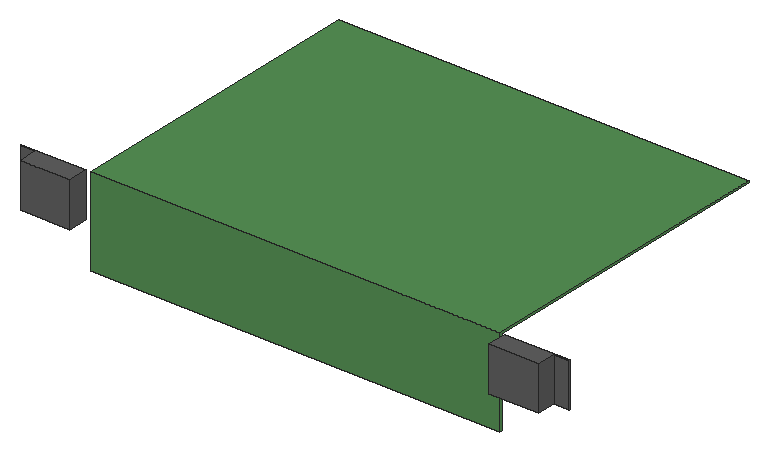
Revit family "Levelers_Kelley_HK", category Specialty Equipment, host Floor, Revit 2026
Family settings
  Host = Floor
  Round Connector Dimension = Use Diameter
  Part Type = Normal
  Enable Cutting in Views = No
  Always vertical = Yes
  Cut with Voids When Loaded = Yes
  Maintain Annotation Orientation = No
  Shared = No
  Room Calculation Point = No
Parameters (values of type "7x6")
  URL = "http://kelleyentrematic.com/"
  Model = "HK"
  Manufacturer = "Kelley Entrematic"
  Description = "Hydraulic Leveler"
  LipExtension = 0' - 0"
  PitWidth = 7' - 1"
  PitLength = 5' - 3"
  PitDepthR = PitDepth - 0' 0 1/2"  # 1' - 7 1/2"
  PitDepth = 1' - 8"
  LipLength = 1' - 6"
  Default Elevation = 0' - 0"
  Curb = 0' - 3"
  Capacity = "30-50K"
Types (24): name | LipExtension | PitWidth | PitLength | PitDepthR | PitDepth
  6x6 | 0' - 0" | 6' - 2" | 5' - 3" | 1' - 7 1/2" | 1' - 8"
  6x8 | 0' - 0" | 6' - 2" | 7' - 3" | 1' - 7 1/2" | 1' - 8"
  6.5x6 | 0' - 0" | 6' - 8" | 5' - 3" | 1' - 7 1/2" | 1' - 8"
  6.5x8 | 0' - 0" | 6' - 8" | 7' - 3" | 1' - 7 1/2" | 1' - 8"
  7x6 | 0' - 0" | 7' - 1" | 5' - 3" | 1' - 7 1/2" | 1' - 8"
  7x8 | 0' - 0" | 7' - 1" | 7' - 3" | 1' - 7 1/2" | 1' - 8"
  6x10 | 0' - 0" | 6' - 2" | 9' - 3" | 1' - 11 1/2" | 2' - 0"
  6.5x10 | 0' - 0" | 6' - 8" | 9' - 3" | 1' - 11 1/2" | 2' - 0"
  7x10 | 0' - 0" | 7' - 1" | 9' - 3" | 1' - 11 1/2" | 2' - 0"
  6x6 Barrier Lip | 0' - 5" | 6' - 2" | 5' - 3" | 1' - 7 1/2" | 1' - 8"
  6x8 Barrier Lip | 0' - 5" | 6' - 2" | 7' - 3" | 1' - 7 1/2" | 1' - 8"
  6x10 Barrier Lip | 0' - 5" | 6' - 2" | 9' - 3" | 1' - 11 1/2" | 2' - 0"
  7x10 Barrier Lip | 0' - 5" | 7' - 1" | 9' - 3" | 1' - 11 1/2" | 2' - 0"
  7x6 Barrier Lip | 0' - 5" | 7' - 1" | 5' - 3" | 1' - 7 1/2" | 1' - 8"
  7x8 Barrier Lip | 0' - 5" | 7' - 1" | 7' - 3" | 1' - 7 1/2" | 1' - 8"
  6.5x10 Barrier Lip | 0' - 5" | 6' - 8" | 9' - 3" | 1' - 11 1/2" | 2' - 0"
  6.5x6 Barrier Lip | 0' - 5" | 6' - 8" | 5' - 3" | 1' - 7 1/2" | 1' - 8"
  6.5x8 Barrier Lip | 0' - 5" | 6' - 8" | 7' - 3" | 1' - 7 1/2" | 1' - 8"
  6.5x12 | 0' - 0" | 6' - 8" | 11' - 3" | 1' - 11 1/2" | 2' - 0"
  6.5x12 Barrier Lip | 0' - 5" | 6' - 8" | 11' - 3" | 1' - 11 1/2" | 2' - 0"
  6x12 | 0' - 0" | 6' - 2" | 11' - 3" | 1' - 11 1/2" | 2' - 0"
  6x12 Barrier Lip | 0' - 5" | 6' - 2" | 11' - 3" | 1' - 11 1/2" | 2' - 0"
  7x12 | 0' - 0" | 7' - 1" | 11' - 3" | 1' - 11 1/2" | 2' - 0"
  7x12 Barrier Lip | 0' - 5" | 7' - 1" | 11' - 3" | 1' - 11 1/2" | 2' - 0"
Reference planes (in)
  plane 1 "Center (Front/Back)": y = 0
  plane 2: z = 0
  plane 3 "Center (Left/Right)": x = 0
  plane 4 "Lip Width": y = -59.5
  plane 5 "pit right": x = 42.5
  plane 6 "Pit left": x = -42.5
  plane 7 "pit rear": y = 3
  plane 8 "curb angle left": x = -45.5
  plane 9: x = -41.5
  plane 10 "curb angle right": x = 45.5
  plane 11: x = 41.5
  plane 12 "curb angle rear": y = 6
  plane 13 "Curb angle - Front": y = -57
  plane 14 "Edge of Dock": y = -60
  plane 15: z = -0.5
  plane 16: z = -19.5
  plane 17: z = -20
  plane 18: y = -9
  plane 19: y = -48
  plane 20 "Lip Length": z = -18
  plane 21: x = 63.5
  plane 22: x = -63.5
  plane 23: z = -3
  plane 24: z = -23
  plane 25: z = 0
  plane 26: z = 0
  plane 27: y = -60.25
  plane 28: y = -64
  plane 29: x = -52.625
  plane 30: x = -55.625
  plane 31: x = 52.625
  plane 32: x = 55.625
  plane 33: z = -9
Forms (in)
  Extrusion 1, void
    sketch origin (0, 0, 0) x (0, 1, 0) y (0, 0, 1)
      loop
        line (3, 0) -> (-60, 0) -> (-60, -20) -> (-48, -20) -> (-9, -19.5) -> (3, -19.5) -> (3, 0)
    from -42.5 to 42.5
  Extrusion 2, solid, material "Kelly Diamond"
    sketch origin (0, 0, 0) x (1, 0, 0) y (0, 1, 0)
      loop
        line (-41.5, 3) -> (-41.5, -60) -> (41.5, -60) -> (41.5, 3) -> (-41.5, 3)
    from -0.5 to 0
  Extrusion 3, solid, material "Kelly Diamond"
    sketch origin (0, 0, 0) x (1, 0, 0) y (0, 0, 1)
      loop
        line (-41.5, 0) -> (-41.5, -18) -> (41.5, -18) -> (41.5, 0) -> (-41.5, 0)
    from 59.5 to 60
  Extrusion 4, solid, material "BUMPER"
    sketch origin (0, 0, 0) x (-1, 0, 0) y (0, -1, 0)
      loop
        line (42.5, 60) -> (55.625, 60) -> (55.625, 60.25) -> (52.625, 60.25) -> (52.625, 64) -> (42.5, 64) -> (42.5, 60)
      loop
        line (-42.5, 60) -> (-42.5, 64) -> (-52.625, 64) -> (-52.625, 60.25) -> (-55.625, 60.25) -> (-55.625, 60) -> (-42.5, 60)
    from -9 to 0
Cuts and joins
  joined: Extrusion 2, Extrusion 3
Lines and regions (in)
  model lines
    curve 1: line (-45.5, 6, 0) -> (45.5, 6, 0)
    curve 2: line (45.5, 6, 0) -> (45.5, 3, 0)
    curve 3: line (45.5, 3, 0) -> (-45.5, 3, 0)
    curve 4: line (-45.5, 3, 0) -> (-45.5, 6, 0)
    curve 5: line (-45.5, 3, 0) -> (-45.5, -57, 0)
    curve 6: line (-42.5, -57, 0) -> (-42.5, 3, 0)
    curve 7: line (-42.5, -57, 0) -> (-63.5, -57, 0)
    curve 8: line (-63.5, -57, 0) -> (-63.5, -60, 0)
    curve 9: line (-63.5, -60, 0) -> (-42.5, -60, 0)
    curve 10: line (45.5, 3, 0) -> (45.5, -57, 0)
    curve 11: line (42.5, -57, 0) -> (42.5, 3, 0)
    curve 12: line (42.5, -60, 0) -> (63.5, -60, 0)
    curve 13: line (63.5, -60, 0) -> (63.5, -57, 0)
    curve 14: line (63.5, -57, 0) -> (42.5, -57, 0)
    curve 15: line (-63.5, -60, 0) -> (-63.5, -60, -3)
    curve 16: line (-63.5, -60, -3) -> (-42.5, -60, -3)
    curve 17: line (-42.5, -60, -3) -> (-42.5, -60, 0)
    curve 18: line (-45.5, -60, -3) -> (-45.5, -60, -23)
    curve 19: line (-45.5, -60, -20) -> (-42.5, -60, -20)
    curve 20: line (-45.5, -60, -23) -> (45.5, -60, -23)
    curve 21: line (45.5, -60, -23) -> (45.5, -60, -3)
    curve 22: line (42.5, -60, -20) -> (45.5, -60, -20)
    curve 23: line (42.5, -60, -20) -> (42.5, -60, 0)
    curve 24: line (42.5, -60, -3) -> (63.5, -60, -3)
    curve 25: line (63.5, -60, -3) -> (63.5, -60, 0)
    curve 26: line (-42.5, -60, -3) -> (-42.5, -60, -20)
    curve 27: line (-42.5, -60, -20) -> (42.5, -60, -20)
    curve 28: line (-42.5, -57, 0) -> (-42.5, -60, 0)
    curve 29: line (42.5, -57, 0) -> (42.5, -60, 0)
Dimensions and locks (in)
  equal spacing: host sketch curve, plane 1 "Center (Front/Back)", host sketch curve
  equal spacing: host sketch curve, plane 3 "Center (Left/Right)", host sketch curve
  host sketch curve to host sketch curve = 10' - 0"  (x2)
  equal spacing: plane 6 "Pit left", plane 3 "Center (Left/Right)", plane 5 "pit right"
  "PitWidth": plane 6 "Pit left" to plane 5 "pit right"
  "PitLength": plane 14 "Edge of Dock" to plane 7 "pit rear"
  "Curb": plane 8 "curb angle left" to plane 6 "Pit left"
  locked: plane 6 "Pit left" to plane 9 at 1
  locked: plane 11 to plane 5 "pit right" at 1
  "Curb": plane 5 "pit right" to plane 10 "curb angle right"
  "Curb": plane 7 "pit rear" to plane 12 "curb angle rear"
  "Curb": plane 14 "Edge of Dock" to plane 13 "Curb angle - Front"
  "PitDepthR": level to plane 16
  "PitDepth": level to plane 17
  locked: plane 7 "pit rear" to plane 18 at 12
  locked: plane 19 to plane 14 "Edge of Dock" at 12
  "LipLength": level to plane 20 "Lip Length"
  locked: plane 22 to plane 6 "Pit left" at 21
  locked: plane 5 "pit right" to plane 21 at 21
  "LipExtension": plane 26 to level
  locked: plane 24 to plane 17 at 3
  locked: level to plane 15 at 0.5
  locked: plane 14 "Edge of Dock" to plane 4 "Lip Width" at 0.5
  locked: plane 3 "Center (Left/Right)" to connector elem at 14
  locked: connector elem to level at 16
  locked: plane 29 to plane 6 "Pit left" at 10.125
  locked: plane 30 to plane 6 "Pit left" at 13.125
  locked: plane 28 to curve 9 at 4
  locked: curve 9 to plane 27 at 0.25
  locked: plane 5 "pit right" to plane 31 at 10.125
  locked: plane 5 "pit right" to plane 32 at 13.125
  locked: curve 9 to plane 33 at 9
  aligned and locked: level to plane 2
  aligned and locked: plane 14 "Edge of Dock" to host floor
  aligned and locked: plane 19 to Extrusion 1 sketch curve
  aligned and locked: plane 16 to Extrusion 1 sketch curve
  aligned and locked: Extrusion 1 sketch curve to plane 18
  aligned and locked: plane 17 to Extrusion 1 sketch curve
  aligned and locked: Extrusion 1 sketch curve to plane 14 "Edge of Dock"
  aligned and locked: Extrusion 1 to plane 6 "Pit left"
  aligned and locked: Extrusion 1 to plane 5 "pit right"
  aligned and locked: plane 7 "pit rear" to Extrusion 2 sketch curve
  aligned and locked: Extrusion 2 sketch curve to plane 9
  aligned and locked: Extrusion 2 sketch curve to plane 14 "Edge of Dock"
  aligned and locked: Extrusion 2 to plane 15
  aligned and locked: level to Extrusion 2
  aligned and locked: Extrusion 3 sketch curve to Extrusion 2
  aligned and locked: plane 20 "Lip Length" to Extrusion 3 sketch curve
  aligned and locked: Extrusion 3 sketch curve to plane 11
  aligned and locked: Extrusion 3 to plane 14 "Edge of Dock"
  aligned and locked: Extrusion 3 to plane 4 "Lip Width"
  aligned and locked: Extrusion 2 sketch curve to plane 11
  aligned and locked: curve 7 to plane 13 "Curb angle - Front"
  aligned and locked: curve 8 to plane 22
  aligned and locked: curve 5 to plane 8 "curb angle left"
  aligned and locked: plane 6 "Pit left" to curve 6
  aligned and locked: curve 3 to plane 7 "pit rear"
  aligned and locked: plane 12 "curb angle rear" to curve 1
  aligned and locked: curve 2 to plane 10 "curb angle right"
  aligned and locked: plane 5 "pit right" to curve 11
  aligned and locked: curve 10 to plane 10 "curb angle right"
  aligned and locked: curve 14 to plane 13 "Curb angle - Front"
  aligned and locked: plane 14 "Edge of Dock" to curve 12
  aligned and locked: curve 13 to plane 21
  aligned and locked: plane 24 to curve 18
  aligned and locked: curve 16 to plane 23
  aligned and locked: curve 15 to plane 22
  aligned and locked: plane 6 "Pit left" to curve 17
  aligned and locked: curve 22 to plane 5 "pit right"
  aligned and locked: curve 21 to plane 10 "curb angle right"
  aligned and locked: curve 22 to plane 17
  aligned and locked: curve 25 to plane 21
  aligned and locked: curve 19 to curve 27
  aligned and locked: curve 9 to plane 14 "Edge of Dock"
  aligned and locked: plane 26 to Extrusion 3 sketch curve
  aligned and locked: plane 23 to curve 24
  aligned and locked: plane 24 to curve 20
  aligned and locked: cut or joined group of Extrusion 2, Extrusion 3 to plane 7 "pit rear"  (x2)
  aligned and locked: Extrusion 4 sketch curve to plane 30
  aligned and locked: Extrusion 4 sketch curve to plane 29
  aligned and locked: Extrusion 4 sketch curve to plane 6 "Pit left"
  aligned and locked: plane 28 to Extrusion 4 sketch curve
  aligned and locked: Extrusion 4 sketch curve to plane 27  (x2)
  aligned and locked: Extrusion 4 sketch curve to curve 9
  aligned and locked: Extrusion 4 sketch curve to plane 32
  aligned and locked: plane 31 to Extrusion 4 sketch curve
  aligned and locked: Extrusion 4 sketch curve to plane 5 "pit right"
  aligned and locked: Extrusion 4 sketch curve to plane 28
  aligned and locked: Extrusion 4 sketch curve to curve 12
  aligned and locked: plane 33 to Extrusion 4
  aligned and locked: level to Extrusion 4
Automatic sketch dimensions
  Extrusion 1 sketch curve to level = 0' - 0"
  Extrusion 1 sketch curve to plane 7 "pit rear" = 0' - 0"
  plane 8 "curb angle left" to curve 20 = 0' - 0"
  curve 25 to level = 0' - 0"
  plane 21 to curve 25 = 0' - 0"
  curve 27 to plane 17 = 0' - 0"
  curve 16 to plane 23 = 0' - 0"
  curve 23 to level = 0' - 0"
  curve 17 to level = 0' - 0"
  curve 15 to level = 0' - 0"
Connectors (in)
  electrical at (14, 3, -16)
    settings: on plane 7 "pit rear", index 1, voltage 120 V, apparent load 0 VA, apparent load phase1 0 VA, apparent load phase2 0 VA, apparent load phase3 0 VA, power factor 1, load classification "Other", number of poles 1, system type 31, power factor state 1, is connector primary yes, connector utility no, sub classification motor no, connector description ""
